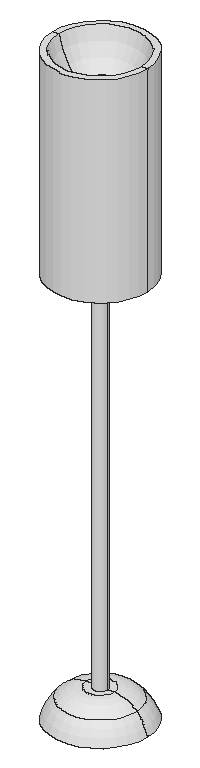
Revit family "5in_Round_Xicato-P5", category Lighting Fixtures, host Face, Revit 2014
Parameters (values of type "L332_12W_Xicato_XTM_1100_lm_3000K")
  Watts = 12 W
  Wattage Comments = "12W,17W,25W"  # constant formula
  Wattage = 12 W
  Warranty = "5 Year Warranty"  # constant formula
  built-in parameter 1150110 = 1 (stored number, unit not read)
  Voltage = 120 V
  URL = "https://www.hubbell.com/kurtversen/en"
  built-in parameter 1114217 = 1 (stored number, unit not read)
  Tilt Angle = -90.00°
  built-in parameter 1150109 = 1 (stored number, unit not read)
  built-in parameter 1150134 = (empty or 0)
  built-in parameter 1150113 = 1 (stored number, unit not read)
  Product Page URL = "https://www.hubbell.com/kurtversen/en/Products/Lighting-Controls/Commercial-Indoor-Lighting/Cylinder/5-Round-Xicato-Surface-Forms/p/536123"
  Product Documentation Link = "https://hubbellcdn.com/specsheet/kv_l332_334_336_spec_sheet.pdf"
  Power Factor = 0.9  # constant formula
  Photometric Web File = "L332_12W_Xicato_XTM_1100_lm_3000K.IES"
  Model = "5in Round Xicato XTM Surface Forms-Pendant Mount (P5)"  # constant formula
  Manufacturer = "Kurt Versen"  # constant formula
  built-in parameter 1150105 = -448560 (stored number, unit not read)
  Lumens = 720 lm
  built-in parameter 1150115 = 1 (stored number, unit not read)
  Load Classification = Lighting
  built-in parameter 1150137 = (empty or 0)
  built-in parameter 1150139 = (empty or 0)
  built-in parameter 1150112 = 1 (stored number, unit not read)
  built-in parameter 1150114 = 1 (stored number, unit not read)
  Lamp = "LED Lamp"  # constant formula
  Is Height 7.5" [instance] = no
  Is Height 10.5" [instance] = not([Is Height 7.5"])  # yes
  built-in parameter 1150132 = (empty or 0)
  built-in parameter 1150102 = (empty or 0)
  built-in parameter 1150107 = 3000 (stored number, unit not read)
  built-in parameter 1150138 = (empty or 0)
  built-in parameter 1150106 = -4485.6 (stored number, unit not read)
  zz Height 1 [instance] = if([Is Height 7.5"], 7.500", 10.500")  # 10.500"
  Glass = Hubbell-White Glass
  Emit from Circle Diameter = 4.000"  # constant formula
  Emit Shape Visible in Rendering = no
  built-in parameter 1150104 = 5.5742 (stored number, unit not read)
  Dimming Lamp Color Temperature Shift = <None>
  Description = "Narrow, Medium, Wide Distribution Downlights."  # constant formula
  Default Elevation = 48.000"
  Contact us = "https://www.hubbell.com/kurtversen/en/contactUs?productId=536123"
  Color Filter = 16777215
  Beam Spread = "Wide"
  built-in parameter 1114218 = 1 (stored number, unit not read)
  Backbox = Hubbell-White
  built-in parameter 1150133 = 10 (stored number, unit not read)
  Assembly Code = "D5020210"
  Apparent Load = Watts / Power Factor  # 13.3333 VA
Types (9): name | Watts | Wattage | Photometric Web File | built-in parameter 1150105 | Lumens | Is Height 7.5" | Is Height 10.5" | built-in parameter 1150106 | zz Height 1 | built-in parameter 1150104 | Beam Spread | Apparent Load
  L332_12W_Xicato_XTM_1100_lm_3000K | 12 W | 12 W | "L332_12W_Xicato_XTM_1100_lm_3000K.IES" | -448560 (stored number, unit not read) | 720 lm | no | yes | -4485.6 (stored number, unit not read) | 10.500" | 5.5742 (stored number, unit not read) | "Wide" | 13.3333 VA
  L332_17W_Xicato_XTM_1500_lm_3000K | 17 W | 17 W | "L332_17W_Xicato_XTM_1500_lm_3000K.IES" | 79.816 (stored number, unit not read) | 1003 lm | no | yes | 0.79816 (stored number, unit not read) | 10.500" | 5.4813 (stored number, unit not read) | "Wide" | 18.8889 VA
  L332_25W_Xicato_XTM_2100_lm_3000K | 25 W | 25 W | "L332_25W_Xicato_XTM_2100_lm_3000K.IES" | 111.41 (stored number, unit not read) | 1400 lm | no | yes | 1.1141 (stored number, unit not read) | 10.500" | 5.2026 (stored number, unit not read) | "Wide" | 27.7778 VA
  L334_17W_Xicato_XTM_1500_lm_3000K | 17 W | 17 W | "L334_17W_Xicato_XTM_1500_lm_3000K.IES" | 85.227 (stored number, unit not read) | 1071 lm | no | yes | 0.85227 (stored number, unit not read) | 10.500" | 5.8529 (stored number, unit not read) | "Medium" | 18.8889 VA
  L334_12W_Xicato_XTM_1100_lm_3000K | 12 W | 12 W | "L334_12W_Xicato_XTM_1100_lm_3000K.IES" | 60.161 (stored number, unit not read) | 756 lm | yes | no | 0.60161 (stored number, unit not read) | 7.500" | 5.8529 (stored number, unit not read) | "Medium" | 13.3333 VA
  L334_25W_Xicato_XTM_2100_lm_3000K | 25 W | 25 W | "L334_25W_Xicato_XTM_2100_lm_3000K.IES" | 121.36 (stored number, unit not read) | 1525 lm | no | yes | 1.2136 (stored number, unit not read) | 10.500" | 5.6671 (stored number, unit not read) | "Medium" | 27.7778 VA
  L336_12W_Xicato_XTM_1100_lm_3000K | 12 W | 12 W | "L336_12W_Xicato_XTM_1100_lm_3000K.IES" | 63.025 (stored number, unit not read) | 792 lm | no | yes | 0.63025 (stored number, unit not read) | 10.500" | 6.1316 (stored number, unit not read) | "Narrow" | 13.3333 VA
  L336_17W_Xicato_XTM_1500_lm_3000K | 17 W | 17 W | "L336_17W_Xicato_XTM_1500_lm_3000K.IES" | 96.05 (stored number, unit not read) | 1207 lm | no | yes | 0.9605 (stored number, unit not read) | 10.500" | 6.5961 (stored number, unit not read) | "Narrow" | 18.8889 VA
  L336_25W_Xicato_XTM_2100_lm_3000K | 25 W | 25 W | "L336_25W_Xicato_XTM_2100_lm_3000K.IES" | 137.27 (stored number, unit not read) | 1725 lm | no | yes | 1.3727 (stored number, unit not read) | 10.500" | 6.4103 (stored number, unit not read) | "Narrow" | 27.7778 VA
Reference planes (in)
  plane 1 "Center (Front/Back)": y = 0.03999
  plane 2: z = 0
  plane 3 "Center (Left/Right)": x = -11.37583
  plane 4: x = -13.87583
  plane 5: x = -13.56333
  plane 6: x = -9.18833
  plane 7: x = -8.87583
  plane 8: z = 31.5
  plane 9: z = 29.5
  plane 10: z = 29.625
  plane 11: z = 30.5
  plane 12: z = 21
Forms (in)
  Revolve 1, solid, material "Hubbell-White" <- "Backbox"
    sketch origin (0, 0.03999, 0) x (1, 0, 0) y (0, 0, 1)
      loop
        line (-13.87583, 31.5) -> (-13.87583, 21) -> (-11.37583, 21) -> (-11.37583, 21.1) -> (-11.37583, 29.5) -> (-12.62583, 29.5) -> (-12.62583, 29.625)
        arc (-12.62583, 29.625) -> (-13.21691, 30.50134) -> (-13.56333, 31.5) r 4.0848
        line (-13.56333, 31.5) -> (-13.87583, 31.5)
      axis (-11.37583, 31.5) -> (-11.37583, 21)
    angle from 0 to 360
  Extrusion 2, solid, material "Hubbell-White Glass" <- "Glass"
    sketch origin (0, 0, 0) x (1, 0, 0) y (0, 1, 0)
      loop
        circle (-11.37583, 0.03999) r 1.25
    from 29.5 to 29.625
  Revolve 3, solid, material "Hubbell-White" <- "Backbox"
    sketch origin (0, 0.03999, 0) x (1, 0, 0) y (0, 0, 1)
      loop
        arc (-12.11459, 1.5) -> (-12.75346, 1.36838) -> (-13.28829, 0.99496) r 1.61636
        arc (-13.28829, 0.99496) -> (-13.63819, 0.53062) -> (-13.87583, 0) r 2.59308
        line (-13.87583, 0) -> (-11.37583, 0) -> (-11.37583, 21) -> (-13.1382, 21) -> (-13.1382, 20.75) -> (-11.74521, 20.75) -> (-11.74521, 1.5) -> (-12.11459, 1.5)
      axis (-11.37583, 0) -> (-11.37583, 21)
    angle from 0 to 360
Dimensions and locks (in)
  equal spacing: plane 4, plane 3 "Center (Left/Right)", plane 7, locked at 2.5 each
  locked: plane 4 to plane 7 at 5
  equal spacing: plane 6, plane 3 "Center (Left/Right)", plane 5, locked at 2.1875 each
  locked: plane 8 to plane 9 at 2
  locked: plane 10 to plane 9 at 0.125
  equal spacing: plane 8, plane 11, plane 9, locked at 1 each
  locked: plane 12 to plane 2 at 21
  "zz Height 1": plane 8 to plane 12
  aligned and locked: host face to plane 2
  aligned and locked: level to host face
  aligned and locked: plane 3 "Center (Left/Right)" to imposter light
  aligned and locked: imposter light to plane 1 "Center (Front/Back)"
  aligned and locked: Revolve 1 to Extrusion 2
  aligned and locked: plane 9 to Revolve 1
  aligned and locked: plane 10 to Extrusion 2
  aligned and locked: plane 11 to imposter light
  aligned and locked: Revolve 1 sketch curve to plane 12
  aligned and locked: Revolve 3 sketch curve to plane 2
Automatic sketch dimensions
  host sketch curve to host sketch curve = 96.000"  (x2)
  plane 1 "Center (Front/Back)" to Extrusion 2 sketch curve = 0.000"
  Extrusion 2 sketch curve to plane 3 "Center (Left/Right)" = 0.000"
  plane 4 to Revolve 1 sketch curve = 0.000"
  Revolve 1 sketch curve to plane 5 = 0.000"
  Revolve 1 sketch curve to plane 9 = 0.000"
  Revolve 1 sketch curve to plane 10 = 0.000"
  Revolve 1 sketch curve to plane 3 "Center (Left/Right)" = 0.000"  (x2)
  Revolve 1 sketch curve to plane 8 = 0.000"
  Revolve 1 sketch curve to Revolve 1 sketch curve = 1.250"
  plane 6 to Revolve 1 sketch curve = 0.37502"
  Revolve 1 sketch curve to Revolve 1 sketch curve = 0.100"
  Revolve 1 sketch curve to level = 0.99668"
  Revolve 1 sketch curve to Revolve 1 sketch curve = 6.68569"
  plane 4 to Revolve 3 sketch curve = 0.000"
  Revolve 3 sketch curve to plane 3 "Center (Left/Right)" = 0.000"  (x2)
  Revolve 3 sketch curve to plane 3 "Center (Left/Right)" = 0.36938"
  level to Revolve 3 sketch curve = 1.500"
  Revolve 3 sketch curve to Revolve 3 sketch curve = 0.36938"
  plane 5 to Revolve 3 sketch curve = 0.27504"
  Revolve 3 sketch curve to Revolve 3 sketch curve = 0.000"
  Revolve 3 sketch curve to plane 3 "Center (Left/Right)" = 0.02952"
  Revolve 3 sketch curve to Revolve 3 sketch curve = 3.4621"
  plane 8 to Revolve 3 sketch curve = 3.000"
  Revolve 3 sketch curve to plane 12 = 0.000"
  plane 5 to Revolve 3 sketch curve = 0.42513"
  Revolve 3 sketch curve to plane 12 = 0.250"
  radius of Extrusion 2 sketch curve = 1.250"
Connectors (in)
  electrical at (-11.37583, 0.03999, 0), driven by "Load Classification", driven by "Voltage", driven by "Apparent Load", driven by "Power Factor"
    settings: on Revolve 3, index 1, voltage 120 V, apparent load 13.3333 VA, apparent load phase1 0 VA, apparent load phase2 0 VA, apparent load phase3 0 VA, power factor 0.9, load classification "Lighting", number of poles 1, system type 30, power factor state 1, is connector primary yes, connector utility no, sub classification motor no, connector description "Lighting Connector"
